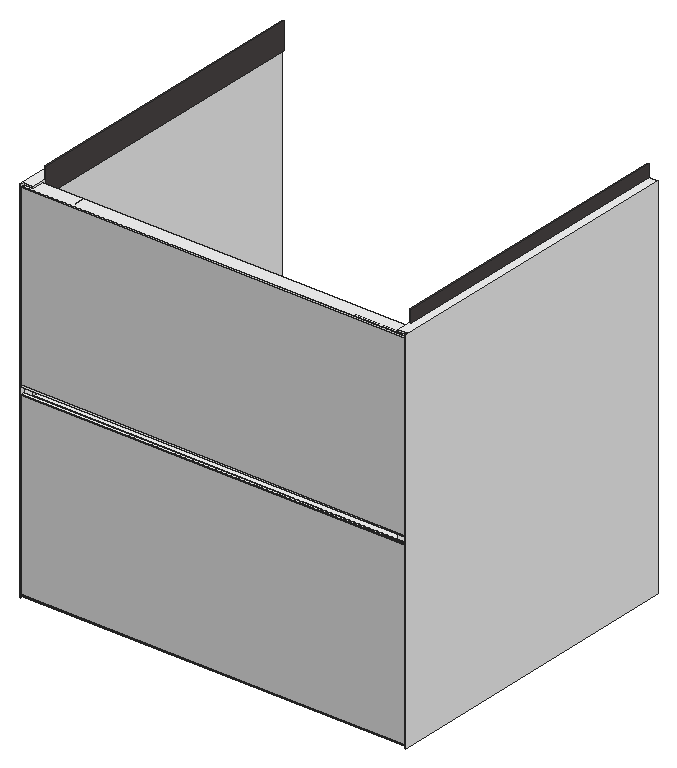
Revit family "vanity unit-hansgrohe-54175XXX-Xevolos E Vanity unit Matt White 580_475 with 2 drawers for washbasin", category Furniture, Revit 2019
Family settings
  OmniClass Number = 23.40.00.00
  OmniClass Title = Equipment and Furnishings
  Work Plane-Based = No
  Always vertical = Yes
  Cut with Voids When Loaded = No
  Shared = Yes
  Room Calculation Point = No
Parameters (values of type "54175320-MATT_WHITE-METALLIC_WHITE-400")
  etim7_EC011381 = "EC011381"
  WEIGHT = "30.4"
  UNSPSC = "56 | Furniture and Furnishings"
  UNIFORMATII = "E2010 | Fixed Furnishings"
  UNICLASS_2015_CODE = "40_30_78_05"
  UNICLASS2015 = "Pr_40_30_78_05 | Bathroom furniture"
  SURFACE = "METALLIC_WHITE"
  REGION = "Worldwide"
  PRODUCTURL = "https://pro.hansgrohe.com/articledetail--54175320"
  PERMALINK = "54175XXX"
  OMNICLASS = "23-21 19 15 33 13 | Residential Bathroom Specialty Casework"
  OBJECTTYPE = "Object (single object)"
  OBERFLAECHE = "MATT_WHITE"
  NN = "Vanity unit with 2 drawers for handrinse basin"
  NBSYN = "$ARTNR.-$OBERFLAECHE.-$SURFACE.-$LODLEVEL."
  NB = "54175320-MATT_WHITE-METALLIC_WHITE-400"
  NAME = "Xevolos E Vanity unit Matt White 580/475 with 2 drawers for washbasin"
  Model = "54175320-MATT_WHITE-METALLIC_WHITE-400"
  Manufacturer = "Hansgrohe"
  MIdent = "{$CADENAS_DATA/23d-libs/hansgrohe/xevolos_furniture/xevolos_vanity_unit_2_drawers_handrinse_basin/vanity_unit_2_drawers_for_handrinse_basin.prj},265 {VTYP=3D},{NB=54175320-MATT_WHITE-METALLIC_WHITE-400},{LINA=54175320-MATT_WHITE-METALLIC_WHITE-400},{NN=Vanity unit with 2 drawers for handrinse basin},{DATE=13.03.2023 12:26:32},{GEOMDATE=12.03.2023 06:54:00},{VERSION=},{LINEID=100},{WBVAR=LODLEVEL},{WBNUMERIC=}  {NB=54175320-MATT_WHITE-METALLIC_WHITE-400},{LINA=54175320-MATT_WHITE-METALLIC_WHITE-400},{KT=DUMMY},{IDNR=10},{ARTNR=54175320},{BASENUMBER=54175},{MODEL=54175XXX},{OBERFLAECHE=MATT_WHITE},{SURFACE=METALLIC_WHITE},{L=580},{LODLEVEL=400},{LODLEVELX='400','400','200','200'},{NAME=Xevolos E Vanity unit Matt White 580/475 with 2 drawers for washbasin},{PERMALINK=54175XXX},{OBJECTTYPE=Object (single object)},{BIMOBJECT=Sanitary: Compound units},{COLLECTIONSET=Xevolos E},{COLLECTION=vanity unit},{WEIGHT=30.4},{DESCRIPTION=Xevolos E Vanity unit Matt White 580/475 with 2 drawers for washbasin},{PRODUCTURL=https://pro.hansgrohe.com/articledetail--54175320},{GTINCODE=0},{TENDERURL=0},{IFC=Furnishing element},{ETIM=EC011381 | Bathroom furniture set},{UNICLASS2015=Pr_40_30_78_05 | Bathroom furniture},{OMNICLASS=23-21 19 15 33 13 | Residential Bathroom Specialty Casework},{MASTERFORMAT=12 35 30.23 | Bathroom Casework},{UNSPSC=56 | Furniture and Furnishings},{UNIFORMATII=E2010 | Fixed Furnishings},{REGION=Worldwide},{DESIGN=Germany},{MANUFACTURER=Germany}"
  MASTERFORMAT = "12 35 30.23 | Bathroom Casework"
  LODLEVEL = "400"
  LINA = "54175320-MATT_WHITE-METALLIC_WHITE-400"
  L = 580
  IFC = "Furnishing element"
  IDNR = 10
  ETIM = "EC011381 | Bathroom furniture set"
  DESIGN = "Germany"
  COLLECTIONSET = "Xevolos E"
  COLLECTION = "vanity unit"
  CATALOG = "Hansgrohe"
  BIMOBJECT = "Sanitary: Compound units"
  BASENUMBER = "54175"
  ARTNR = "54175320"
  54175730-MATT_WHITE-DARK_OAK-400_RX0RY0RZ0TX0TY0TZ0_V = no
  54175730-MATT_WHITE-DARK_OAK-200_RX0RY0RZ0TX0TY0TZ0_V = no
  54175390-MATT_WHITE-PATTEREND_BRONZE-400_RX0RY0RZ0TX0TY0TZ0_V = no
  54175390-MATT_WHITE-PATTEREND_BRONZE-200_RX0RY0RZ0TX0TY0TZ0_V = no
  54175320-MATT_WHITE-METALLIC_WHITE-400_RX0RY0RZ0TX0TY0TZ0_V = yes
  54175320-MATT_WHITE-METALLIC_WHITE-200_RX0RY0RZ0TX0TY0TZ0_V = no
Types (6, lengths in mm): name | SURFACE | NB | Model | MIdent | LODLEVEL | LINA | IDNR | ARTNR | 54175730-MATT_WHITE-DARK_OAK-400_RX0RY0RZ0TX0TY0TZ0_V | 54175730-MATT_WHITE-DARK_OAK-200_RX0RY0RZ0TX0TY0TZ0_V | 54175390-MATT_WHITE-PATTEREND_BRONZE-400_RX0RY0RZ0TX0TY0TZ0_V | 54175390-MATT_WHITE-PATTEREND_BRONZE-200_RX0RY0RZ0TX0TY0TZ0_V | 54175320-MATT_WHITE-METALLIC_WHITE-400_RX0RY0RZ0TX0TY0TZ0_V | 54175320-MATT_WHITE-METALLIC_WHITE-200_RX0RY0RZ0TX0TY0TZ0_V
  54175320-MATT_WHITE-METALLIC_WHITE-200 | "METALLIC_WHITE" | "54175320-MATT_WHITE-METALLIC_WHITE-200" | "54175320-MATT_WHITE-METALLIC_WHITE-200" | "{$CADENAS_DATA/23d-libs/hansgrohe/xevolos_furniture/xevolos_vanity_unit_2_drawers_handrinse_basin/vanity_unit_2_drawers_for_handrinse_basin.prj},265 {VTYP=3D},{NB=54175320-MATT_WHITE-METALLIC_WHITE-200},{LINA=54175320-MATT_WHITE-METALLIC_WHITE-200},{NN=Vanity unit with 2 drawers for handrinse basin},{DATE=13.03.2023 12:26:32},{GEOMDATE=12.03.2023 06:54:00},{VERSION=},{LINEID=100},{WBVAR=LODLEVEL},{WBNUMERIC=}  {NB=54175320-MATT_WHITE-METALLIC_WHITE-200},{LINA=54175320-MATT_WHITE-METALLIC_WHITE-200},{KT=DUMMY},{IDNR=10},{ARTNR=54175320},{BASENUMBER=54175},{MODEL=54175XXX},{OBERFLAECHE=MATT_WHITE},{SURFACE=METALLIC_WHITE},{L=580},{LODLEVEL=200},{LODLEVELX='400','400','200','200'},{NAME=Xevolos E Vanity unit Matt White 580/475 with 2 drawers for washbasin},{PERMALINK=54175XXX},{OBJECTTYPE=Object (single object)},{BIMOBJECT=Sanitary: Compound units},{COLLECTIONSET=Xevolos E},{COLLECTION=vanity unit},{WEIGHT=30.4},{DESCRIPTION=Xevolos E Vanity unit Matt White 580/475 with 2 drawers for washbasin},{PRODUCTURL=https://pro.hansgrohe.com/articledetail--54175320},{GTINCODE=0},{TENDERURL=0},{IFC=Furnishing element},{ETIM=EC011381 | Bathroom furniture set},{UNICLASS2015=Pr_40_30_78_05 | Bathroom furniture},{OMNICLASS=23-21 19 15 33 13 | Residential Bathroom Specialty Casework},{MASTERFORMAT=12 35 30.23 | Bathroom Casework},{UNSPSC=56 | Furniture and Furnishings},{UNIFORMATII=E2010 | Fixed Furnishings},{REGION=Worldwide},{DESIGN=Germany},{MANUFACTURER=Germany}" | "200" | "54175320-MATT_WHITE-METALLIC_WHITE-200" | 10 | "54175320" | no | no | no | no | no | yes
  54175320-MATT_WHITE-METALLIC_WHITE-400 | "METALLIC_WHITE" | "54175320-MATT_WHITE-METALLIC_WHITE-400" | "54175320-MATT_WHITE-METALLIC_WHITE-400" | "{$CADENAS_DATA/23d-libs/hansgrohe/xevolos_furniture/xevolos_vanity_unit_2_drawers_handrinse_basin/vanity_unit_2_drawers_for_handrinse_basin.prj},265 {VTYP=3D},{NB=54175320-MATT_WHITE-METALLIC_WHITE-400},{LINA=54175320-MATT_WHITE-METALLIC_WHITE-400},{NN=Vanity unit with 2 drawers for handrinse basin},{DATE=13.03.2023 12:26:32},{GEOMDATE=12.03.2023 06:54:00},{VERSION=},{LINEID=100},{WBVAR=LODLEVEL},{WBNUMERIC=}  {NB=54175320-MATT_WHITE-METALLIC_WHITE-400},{LINA=54175320-MATT_WHITE-METALLIC_WHITE-400},{KT=DUMMY},{IDNR=10},{ARTNR=54175320},{BASENUMBER=54175},{MODEL=54175XXX},{OBERFLAECHE=MATT_WHITE},{SURFACE=METALLIC_WHITE},{L=580},{LODLEVEL=400},{LODLEVELX='400','400','200','200'},{NAME=Xevolos E Vanity unit Matt White 580/475 with 2 drawers for washbasin},{PERMALINK=54175XXX},{OBJECTTYPE=Object (single object)},{BIMOBJECT=Sanitary: Compound units},{COLLECTIONSET=Xevolos E},{COLLECTION=vanity unit},{WEIGHT=30.4},{DESCRIPTION=Xevolos E Vanity unit Matt White 580/475 with 2 drawers for washbasin},{PRODUCTURL=https://pro.hansgrohe.com/articledetail--54175320},{GTINCODE=0},{TENDERURL=0},{IFC=Furnishing element},{ETIM=EC011381 | Bathroom furniture set},{UNICLASS2015=Pr_40_30_78_05 | Bathroom furniture},{OMNICLASS=23-21 19 15 33 13 | Residential Bathroom Specialty Casework},{MASTERFORMAT=12 35 30.23 | Bathroom Casework},{UNSPSC=56 | Furniture and Furnishings},{UNIFORMATII=E2010 | Fixed Furnishings},{REGION=Worldwide},{DESIGN=Germany},{MANUFACTURER=Germany}" | "400" | "54175320-MATT_WHITE-METALLIC_WHITE-400" | 10 | "54175320" | no | no | no | no | yes | no
  54175390-MATT_WHITE-PATTEREND_BRONZE-200 | "PATTEREND_BRONZE" | "54175390-MATT_WHITE-PATTEREND_BRONZE-200" | "54175390-MATT_WHITE-PATTEREND_BRONZE-200" | "{$CADENAS_DATA/23d-libs/hansgrohe/xevolos_furniture/xevolos_vanity_unit_2_drawers_handrinse_basin/vanity_unit_2_drawers_for_handrinse_basin.prj},269 {VTYP=3D},{NB=54175390-MATT_WHITE-PATTEREND_BRONZE-200},{LINA=54175390-MATT_WHITE-PATTEREND_BRONZE-200},{NN=Vanity unit with 2 drawers for handrinse basin},{DATE=13.03.2023 12:26:32},{GEOMDATE=12.03.2023 06:54:00},{VERSION=},{LINEID=110},{WBVAR=LODLEVEL},{WBNUMERIC=}  {NB=54175390-MATT_WHITE-PATTEREND_BRONZE-200},{LINA=54175390-MATT_WHITE-PATTEREND_BRONZE-200},{KT=DUMMY},{IDNR=11},{ARTNR=54175390},{BASENUMBER=54175},{MODEL=54175XXX},{OBERFLAECHE=MATT_WHITE},{SURFACE=PATTEREND_BRONZE},{L=580},{LODLEVEL=200},{LODLEVELX='400','400','200','200'},{NAME=Xevolos E Vanity unit Matt White 580/475 with 2 drawers for washbasin},{PERMALINK=54175XXX},{OBJECTTYPE=Object (single object)},{BIMOBJECT=Sanitary: Compound units},{COLLECTIONSET=Xevolos E},{COLLECTION=vanity unit},{WEIGHT=30.4},{DESCRIPTION=Xevolos E Vanity unit Matt White 580/475 with 2 drawers for washbasin},{PRODUCTURL=https://pro.hansgrohe.com/articledetail--54175320},{GTINCODE=0},{TENDERURL=0},{IFC=Furnishing element},{ETIM=EC011381 | Bathroom furniture set},{UNICLASS2015=Pr_40_30_78_05 | Bathroom furniture},{OMNICLASS=23-21 19 15 33 13 | Residential Bathroom Specialty Casework},{MASTERFORMAT=12 35 30.23 | Bathroom Casework},{UNSPSC=56 | Furniture and Furnishings},{UNIFORMATII=E2010 | Fixed Furnishings},{REGION=Worldwide},{DESIGN=Germany},{MANUFACTURER=Germany}" | "200" | "54175390-MATT_WHITE-PATTEREND_BRONZE-200" | 11 | "54175390" | no | no | no | yes | no | no
  54175390-MATT_WHITE-PATTEREND_BRONZE-400 | "PATTEREND_BRONZE" | "54175390-MATT_WHITE-PATTEREND_BRONZE-400" | "54175390-MATT_WHITE-PATTEREND_BRONZE-400" | "{$CADENAS_DATA/23d-libs/hansgrohe/xevolos_furniture/xevolos_vanity_unit_2_drawers_handrinse_basin/vanity_unit_2_drawers_for_handrinse_basin.prj},269 {VTYP=3D},{NB=54175390-MATT_WHITE-PATTEREND_BRONZE-400},{LINA=54175390-MATT_WHITE-PATTEREND_BRONZE-400},{NN=Vanity unit with 2 drawers for handrinse basin},{DATE=13.03.2023 12:26:32},{GEOMDATE=12.03.2023 06:54:00},{VERSION=},{LINEID=110},{WBVAR=LODLEVEL},{WBNUMERIC=}  {NB=54175390-MATT_WHITE-PATTEREND_BRONZE-400},{LINA=54175390-MATT_WHITE-PATTEREND_BRONZE-400},{KT=DUMMY},{IDNR=11},{ARTNR=54175390},{BASENUMBER=54175},{MODEL=54175XXX},{OBERFLAECHE=MATT_WHITE},{SURFACE=PATTEREND_BRONZE},{L=580},{LODLEVEL=400},{LODLEVELX='400','400','200','200'},{NAME=Xevolos E Vanity unit Matt White 580/475 with 2 drawers for washbasin},{PERMALINK=54175XXX},{OBJECTTYPE=Object (single object)},{BIMOBJECT=Sanitary: Compound units},{COLLECTIONSET=Xevolos E},{COLLECTION=vanity unit},{WEIGHT=30.4},{DESCRIPTION=Xevolos E Vanity unit Matt White 580/475 with 2 drawers for washbasin},{PRODUCTURL=https://pro.hansgrohe.com/articledetail--54175320},{GTINCODE=0},{TENDERURL=0},{IFC=Furnishing element},{ETIM=EC011381 | Bathroom furniture set},{UNICLASS2015=Pr_40_30_78_05 | Bathroom furniture},{OMNICLASS=23-21 19 15 33 13 | Residential Bathroom Specialty Casework},{MASTERFORMAT=12 35 30.23 | Bathroom Casework},{UNSPSC=56 | Furniture and Furnishings},{UNIFORMATII=E2010 | Fixed Furnishings},{REGION=Worldwide},{DESIGN=Germany},{MANUFACTURER=Germany}" | "400" | "54175390-MATT_WHITE-PATTEREND_BRONZE-400" | 11 | "54175390" | no | no | yes | no | no | no
  54175730-MATT_WHITE-DARK_OAK-200 | "DARK_OAK" | "54175730-MATT_WHITE-DARK_OAK-200" | "54175730-MATT_WHITE-DARK_OAK-200" | "{$CADENAS_DATA/23d-libs/hansgrohe/xevolos_furniture/xevolos_vanity_unit_2_drawers_handrinse_basin/vanity_unit_2_drawers_for_handrinse_basin.prj},253 {VTYP=3D},{NB=54175730-MATT_WHITE-DARK_OAK-200},{LINA=54175730-MATT_WHITE-DARK_OAK-200},{NN=Vanity unit with 2 drawers for handrinse basin},{DATE=13.03.2023 12:26:32},{GEOMDATE=12.03.2023 06:54:00},{VERSION=},{LINEID=120},{WBVAR=LODLEVEL},{WBNUMERIC=}  {NB=54175730-MATT_WHITE-DARK_OAK-200},{LINA=54175730-MATT_WHITE-DARK_OAK-200},{KT=DUMMY},{IDNR=12},{ARTNR=54175730},{BASENUMBER=54175},{MODEL=54175XXX},{OBERFLAECHE=MATT_WHITE},{SURFACE=DARK_OAK},{L=580},{LODLEVEL=200},{LODLEVELX='400','400','200','200'},{NAME=Xevolos E Vanity unit Matt White 580/475 with 2 drawers for washbasin},{PERMALINK=54175XXX},{OBJECTTYPE=Object (single object)},{BIMOBJECT=Sanitary: Compound units},{COLLECTIONSET=Xevolos E},{COLLECTION=vanity unit},{WEIGHT=30.4},{DESCRIPTION=Xevolos E Vanity unit Matt White 580/475 with 2 drawers for washbasin},{PRODUCTURL=https://pro.hansgrohe.com/articledetail--54175320},{GTINCODE=0},{TENDERURL=0},{IFC=Furnishing element},{ETIM=EC011381 | Bathroom furniture set},{UNICLASS2015=Pr_40_30_78_05 | Bathroom furniture},{OMNICLASS=23-21 19 15 33 13 | Residential Bathroom Specialty Casework},{MASTERFORMAT=12 35 30.23 | Bathroom Casework},{UNSPSC=56 | Furniture and Furnishings},{UNIFORMATII=E2010 | Fixed Furnishings},{REGION=Worldwide},{DESIGN=Germany},{MANUFACTURER=Germany}" | "200" | "54175730-MATT_WHITE-DARK_OAK-200" | 12 | "54175730" | no | yes | no | no | no | no
  54175730-MATT_WHITE-DARK_OAK-400 | "DARK_OAK" | "54175730-MATT_WHITE-DARK_OAK-400" | "54175730-MATT_WHITE-DARK_OAK-400" | "{$CADENAS_DATA/23d-libs/hansgrohe/xevolos_furniture/xevolos_vanity_unit_2_drawers_handrinse_basin/vanity_unit_2_drawers_for_handrinse_basin.prj},253 {VTYP=3D},{NB=54175730-MATT_WHITE-DARK_OAK-400},{LINA=54175730-MATT_WHITE-DARK_OAK-400},{NN=Vanity unit with 2 drawers for handrinse basin},{DATE=13.03.2023 12:26:32},{GEOMDATE=12.03.2023 06:54:00},{VERSION=},{LINEID=120},{WBVAR=LODLEVEL},{WBNUMERIC=}  {NB=54175730-MATT_WHITE-DARK_OAK-400},{LINA=54175730-MATT_WHITE-DARK_OAK-400},{KT=DUMMY},{IDNR=12},{ARTNR=54175730},{BASENUMBER=54175},{MODEL=54175XXX},{OBERFLAECHE=MATT_WHITE},{SURFACE=DARK_OAK},{L=580},{LODLEVEL=400},{LODLEVELX='400','400','200','200'},{NAME=Xevolos E Vanity unit Matt White 580/475 with 2 drawers for washbasin},{PERMALINK=54175XXX},{OBJECTTYPE=Object (single object)},{BIMOBJECT=Sanitary: Compound units},{COLLECTIONSET=Xevolos E},{COLLECTION=vanity unit},{WEIGHT=30.4},{DESCRIPTION=Xevolos E Vanity unit Matt White 580/475 with 2 drawers for washbasin},{PRODUCTURL=https://pro.hansgrohe.com/articledetail--54175320},{GTINCODE=0},{TENDERURL=0},{IFC=Furnishing element},{ETIM=EC011381 | Bathroom furniture set},{UNICLASS2015=Pr_40_30_78_05 | Bathroom furniture},{OMNICLASS=23-21 19 15 33 13 | Residential Bathroom Specialty Casework},{MASTERFORMAT=12 35 30.23 | Bathroom Casework},{UNSPSC=56 | Furniture and Furnishings},{UNIFORMATII=E2010 | Fixed Furnishings},{REGION=Worldwide},{DESIGN=Germany},{MANUFACTURER=Germany}" | "400" | "54175730-MATT_WHITE-DARK_OAK-400" | 12 | "54175730" | yes | no | no | no | no | no
Reference planes
  plane 1 "Center (Front/Back)": y = 0
  plane 2: z = 0
  plane 3 "Center (Left/Right)": x = 0
Dimensions and locks
  aligned and locked: level to plane 2
Nested families
  nested 1: "54175320-matt_white-metallic_white-200_content" at (0, 0, 0), visible <- "54175320-MATT_WHITE-METALLIC_WHITE-200_RX0RY0RZ0TX0TY0TZ0_V", ContentVisible <- "54175320-MATT_WHITE-METALLIC_WHITE-200_RX0RY0RZ0TX0TY0TZ0_V", type "54175320-MATT_WHITE-METALLIC_WHITE-200_Content"
    with ContentVisible no
  nested 2: "54175320-matt_white-metallic_white-400_content" at (0, 0, 0), visible <- "54175320-MATT_WHITE-METALLIC_WHITE-400_RX0RY0RZ0TX0TY0TZ0_V", ContentVisible <- "54175320-MATT_WHITE-METALLIC_WHITE-400_RX0RY0RZ0TX0TY0TZ0_V", type "54175320-MATT_WHITE-METALLIC_WHITE-400_Content"
    with ContentVisible yes
  nested 3: "54175390-matt_white-patterend_bronze-200_content" at (0, 0, 0), visible <- "54175390-MATT_WHITE-PATTEREND_BRONZE-200_RX0RY0RZ0TX0TY0TZ0_V", ContentVisible <- "54175390-MATT_WHITE-PATTEREND_BRONZE-200_RX0RY0RZ0TX0TY0TZ0_V", type "54175390-MATT_WHITE-PATTEREND_BRONZE-200_Content"
    with ContentVisible no
  nested 4: "54175390-matt_white-patterend_bronze-400_content" at (0, 0, 0), visible <- "54175390-MATT_WHITE-PATTEREND_BRONZE-400_RX0RY0RZ0TX0TY0TZ0_V", ContentVisible <- "54175390-MATT_WHITE-PATTEREND_BRONZE-400_RX0RY0RZ0TX0TY0TZ0_V", type "54175390-MATT_WHITE-PATTEREND_BRONZE-400_Content"
    with ContentVisible no
  nested 5: "54175730-matt_white-dark_oak-200_content" at (0, 0, 0), visible <- "54175730-MATT_WHITE-DARK_OAK-200_RX0RY0RZ0TX0TY0TZ0_V", ContentVisible <- "54175730-MATT_WHITE-DARK_OAK-200_RX0RY0RZ0TX0TY0TZ0_V", type "54175730-MATT_WHITE-DARK_OAK-200_Content"
    with ContentVisible no
  nested 6: "54175730-matt_white-dark_oak-400_content" at (0, 0, 0), visible <- "54175730-MATT_WHITE-DARK_OAK-400_RX0RY0RZ0TX0TY0TZ0_V", ContentVisible <- "54175730-MATT_WHITE-DARK_OAK-400_RX0RY0RZ0TX0TY0TZ0_V", type "54175730-MATT_WHITE-DARK_OAK-400_Content"
    with ContentVisible no
Definition of nested family "54175320-matt_white-metallic_white-400_content"
  Parameters (values of type "54175320-MATT_WHITE-METALLIC_WHITE-400_Content")
    etim7_EC011381 = "EC011381"
    WEIGHT = "30.4"
    UNSPSC = "56 | Furniture and Furnishings"
    UNIFORMATII = "E2010 | Fixed Furnishings"
    UNICLASS_2015_CODE = "40_30_78_05"
    UNICLASS2015 = "Pr_40_30_78_05 | Bathroom furniture"
    SURFACE = "METALLIC_WHITE"
    REGION = "Worldwide"
    PRODUCTURL = "https://pro.hansgrohe.com/articledetail--54175320"
    PERMALINK = "54175XXX"
    OMNICLASS = "23-21 19 15 33 13 | Residential Bathroom Specialty Casework"
    OBJECTTYPE = "Object (single object)"
    OBERFLAECHE = "MATT_WHITE"
    NN = "Vanity unit with 2 drawers for handrinse basin"
    NBSYN = "$ARTNR.-$OBERFLAECHE.-$SURFACE.-$LODLEVEL."
    NB = "54175320-MATT_WHITE-METALLIC_WHITE-400"
    NAME = "Xevolos E Vanity unit Matt White 580/475 with 2 drawers for washbasin"
    Model = "54175320-MATT_WHITE-METALLIC_WHITE-400"
    Manufacturer = "Hansgrohe"
    MASTERFORMAT = "12 35 30.23 | Bathroom Casework"
    LODLEVEL = "400"
    LINA = "54175320-MATT_WHITE-METALLIC_WHITE-400"
    L = 580
    IFC = "Furnishing element"
    IDNR = 10
    ETIM = "EC011381 | Bathroom furniture set"
    Default Elevation = 1219.2 mm
    DESIGN = "Germany"
    ContentVisible [instance] = yes
    COLLECTIONSET = "Xevolos E"
    COLLECTION = "vanity unit"
    CATALOG = "Hansgrohe"
    BIMOBJECT = "Sanitary: Compound units"
    BASENUMBER = "54175"
    ARTNR = "54175320"
  Reference planes
    plane 1 "Center (Front/Back)": y = 0
    plane 2: z = 0
    plane 3 "Center (Left/Right)": x = 0
  Forms (mm)
    Extrusion 1, solid, visible <- "ContentVisible", detail levels medium+fine
      sketch origin (0, 0, 0) x (1, 0, 0) y (0, 1, 0)
        loop
          line (-290, 0) -> (-290, -472.3) -> (-288, -472.3) -> (-288, -468.3) -> (-274, -468.3) -> (-274, 0) -> (-290, 0)
      from 0 to 556
    Extrusion 2, solid, visible <- "ContentVisible", detail levels medium+fine
      sketch origin (0, 0, 0) x (1, 0, 0) y (0, 1, 0)
        loop
          line (-274, -79) -> (-274, -445.5) -> (274, -445.5) -> (274, -79) -> (-274, -79)
      from 0 to 16
    Extrusion 3, solid, visible <- "ContentVisible", detail levels medium+fine
      sketch origin (0, 0, 0) x (1, 0, 0) y (0, 1, 0)
        loop
          line (274, 0) -> (274, -468.3) -> (288, -468.3) -> (288, -472.3) -> (290, -472.3) -> (290, 0) -> (274, 0)
      from 0 to 556
    Extrusion 4, solid, visible <- "ContentVisible", detail levels medium+fine
      sketch origin (0, 0, 0.5) x (1, 0, 0) y (0, 1, 0)
        loop
          line (-274, -63) -> (-274, -79) -> (274, -79) -> (274, -63) -> (-274, -63)
      from 0 to 126
    Extrusion 5, solid, visible <- "ContentVisible", detail levels medium+fine
      sketch origin (0, 0, 2) x (1, 0, 0) y (0, 1, 0)
        loop
          line (-288, -451) -> (-288, -472.3) -> (288, -472.3) -> (288, -451) -> (-288, -451)
      from 0 to 2
    Extrusion 6, solid, visible <- "ContentVisible", detail levels medium+fine
      sketch origin (0, 0, 554) x (1, 0, 0) y (0, 1, 0)
        loop
          line (-288, -451) -> (-288, -472.3) -> (288, -472.3) -> (288, -451) -> (-288, -451)
      from -2 to 0
    Extrusion 7, solid, visible <- "ContentVisible", detail levels medium+fine
      sketch origin (0, -468.3, 0) x (1, 0, 0) y (0, 0, -1)
        loop
          line (-288, -272.5) -> (288, -272.5) -> (288, -4.5) -> (-288, -4.5) -> (-288, -272.5)
      from -4 to 0
    Extrusion 8, solid, visible <- "ContentVisible", detail levels medium+fine
      sketch origin (0, -468.3, 0) x (1, 0, 0) y (0, 0, -1)
        loop
          line (-288, -553.5) -> (288, -553.5) -> (288, -285.5) -> (-288, -285.5) -> (-288, -553.5)
      from -4 to 0
    Extrusion 9, solid, visible <- "ContentVisible", detail levels medium+fine
      sketch origin (0, 0, 272.5) x (1, 0, 0) y (0, 1, 0)
        loop
          line (-288, -451) -> (-288, -472.3) -> (288, -472.3) -> (288, -451) -> (-288, -451)
      from 0 to 2
    Extrusion 10, solid, visible <- "ContentVisible", detail levels medium+fine
      sketch origin (0, 0, 285.5) x (1, 0, 0) y (0, 1, 0)
        loop
          line (-288, -451) -> (-288, -472.3) -> (288, -472.3) -> (288, -451) -> (-288, -451)
      from -2 to 0
    Extrusion 11, solid, visible <- "ContentVisible", detail levels medium+fine
      sketch origin (0, -468.3, 0) x (1, 0, 0) y (0, 0, -1)
        loop
          line (-288, -274.5) -> (288, -274.5) -> (288, -4.5) -> (-288, -4.5) -> (-288, -274.5)
        loop
          line (-214, -78) -> (-214, -272.5) -> (214, -272.5) -> (214, -78) -> (-214, -78)
      from 0 to 17
    Extrusion 12, solid, visible <- "ContentVisible", detail levels medium+fine
      sketch origin (0, -468.3, 0) x (1, 0, 0) y (0, 0, -1)
        loop
          line (-288, -553.5) -> (-212, -553.5) -> (-212, -361.5) -> (212, -361.5) -> (212, -553.5) -> (288, -553.5) -> (288, -285.5) -> (-288, -285.5) -> (-288, -553.5)
      from 0 to 17
    Extrusion 13, solid, visible <- "ContentVisible", detail levels medium+fine
      sketch origin (-274, 0, 0) x (0, 0, -1) y (0, 1, 0)
        loop
          line (-574, 0) -> (-574, -446) -> (-534, -446) -> (-534, 0) -> (-574, 0)
      from 0 to 2
    Extrusion 14, solid, visible <- "ContentVisible", detail levels medium+fine
      sketch origin (274, 0, 0) x (0, 0, -1) y (0, 1, 0)
        loop
          line (-574, 0) -> (-574, -446) -> (-534, -446) -> (-534, 0) -> (-574, 0)
      from 0 to 2
    Extrusion 15, solid, visible <- "ContentVisible", detail levels medium+fine
      sketch origin (0, 0, 0) x (0, 0, -1) y (0, 1, 0)
        loop
          line (-285, -319.5) -> (-285, -444) -> (-269, -444) -> (-269, -319.5) -> (-285, -319.5)
      from -274 to 274
    Extrusion 16, solid, visible <- "ContentVisible", detail levels coarse
      sketch origin (0, -236.15, 0) x (1, 0, 0) y (0, 1, 0)
        loop
          line (-290, -236.15) -> (290, -236.15) -> (290, 236.15) -> (-290, 236.15) -> (-290, -236.15)
      from 0 to 574
  Dimensions and locks
    aligned and locked: level to plane 2
Definition of nested family "54175320-matt_white-metallic_white-200_content"
  Parameters (values of type "54175320-MATT_WHITE-METALLIC_WHITE-200_Content")
    etim7_EC011381 = "EC011381"
    WEIGHT = "30.4"
    UNSPSC = "56 | Furniture and Furnishings"
    UNIFORMATII = "E2010 | Fixed Furnishings"
    UNICLASS_2015_CODE = "40_30_78_05"
    UNICLASS2015 = "Pr_40_30_78_05 | Bathroom furniture"
    SURFACE = "METALLIC_WHITE"
    REGION = "Worldwide"
    PRODUCTURL = "https://pro.hansgrohe.com/articledetail--54175320"
    PERMALINK = "54175XXX"
    OMNICLASS = "23-21 19 15 33 13 | Residential Bathroom Specialty Casework"
    OBJECTTYPE = "Object (single object)"
    OBERFLAECHE = "MATT_WHITE"
    NN = "Vanity unit with 2 drawers for handrinse basin"
    NBSYN = "$ARTNR.-$OBERFLAECHE.-$SURFACE.-$LODLEVEL."
    NB = "54175320-MATT_WHITE-METALLIC_WHITE-200"
    NAME = "Xevolos E Vanity unit Matt White 580/475 with 2 drawers for washbasin"
    Model = "54175320-MATT_WHITE-METALLIC_WHITE-200"
    Manufacturer = "Hansgrohe"
    MASTERFORMAT = "12 35 30.23 | Bathroom Casework"
    LODLEVEL = "200"
    LINA = "54175320-MATT_WHITE-METALLIC_WHITE-200"
    L = 580
    IFC = "Furnishing element"
    IDNR = 10
    ETIM = "EC011381 | Bathroom furniture set"
    Default Elevation = 1219.2 mm
    DESIGN = "Germany"
    ContentVisible [instance] = yes
    COLLECTIONSET = "Xevolos E"
    COLLECTION = "vanity unit"
    CATALOG = "Hansgrohe"
    BIMOBJECT = "Sanitary: Compound units"
    BASENUMBER = "54175"
    ARTNR = "54175320"
  Reference planes
    plane 1 "Center (Front/Back)": y = 0
    plane 2: z = 0
    plane 3 "Center (Left/Right)": x = 0
  Forms (mm)
    Extrusion 1, solid, visible <- "ContentVisible", detail levels medium+fine
      sketch origin (0, 0, 0) x (1, 0, 0) y (0, 1, 0)
        loop
          line (-290, 0) -> (-290, -468.3) -> (290, -468.3) -> (290, 0) -> (-290, 0)
      from 0 to 556
    Extrusion 2, solid, visible <- "ContentVisible", detail levels medium+fine
      sketch origin (0, -468.3, 0) x (1, 0, 0) y (0, 0, -1)
        loop
          line (-290, -278) -> (-288, -278) -> (-288, -4) -> (288, -4) -> (288, -278) -> (290, -278) -> (290, -2) -> (-290, -2) -> (-290, -278)
      from -4 to 0
    Extrusion 3, solid, visible <- "ContentVisible", detail levels medium+fine
      sketch origin (0, -468.3, 0) x (1, 0, 0) y (0, 0, -1)
        loop
          line (-290, -278) -> (-290, -554) -> (290, -554) -> (290, -278) -> (288, -278) -> (288, -552) -> (-288, -552) -> (-288, -278) -> (-290, -278)
      from -4 to 0
    Extrusion 4, solid, visible <- "ContentVisible", detail levels medium+fine
      sketch origin (0, -468.3, 0) x (1, 0, 0) y (0, 0, -1)
        loop
          line (-288, -272.5) -> (288, -272.5) -> (288, -4.5) -> (-288, -4.5) -> (-288, -272.5)
      from -4 to 0
    Extrusion 5, solid, visible <- "ContentVisible", detail levels medium+fine
      sketch origin (0, -468.3, 0) x (1, 0, 0) y (0, 0, -1)
        loop
          line (-288, -553.5) -> (288, -553.5) -> (288, -285.5) -> (-288, -285.5) -> (-288, -553.5)
      from -4 to 0
    Extrusion 6, solid, visible <- "ContentVisible", detail levels medium+fine
      sketch origin (-274, 0, 0) x (0, 0, -1) y (0, 1, 0)
        loop
          line (-574, 0) -> (-574, -446) -> (-534, -446) -> (-534, 0) -> (-574, 0)
      from 0 to 2
    Extrusion 7, solid, visible <- "ContentVisible", detail levels medium+fine
      sketch origin (274, 0, 0) x (0, 0, -1) y (0, 1, 0)
        loop
          line (-574, 0) -> (-574, -446) -> (-534, -446) -> (-534, 0) -> (-574, 0)
      from 0 to 2
    Extrusion 8, solid, visible <- "ContentVisible", detail levels coarse
      sketch origin (0, -236.15, 0) x (1, 0, 0) y (0, 1, 0)
        loop
          line (-290, -236.15) -> (290, -236.15) -> (290, 236.15) -> (-290, 236.15) -> (-290, -236.15)
      from 0 to 574
  Dimensions and locks
    aligned and locked: level to plane 2
Definition of nested family "54175390-matt_white-patterend_bronze-200_content"
  Parameters (values of type "54175390-MATT_WHITE-PATTEREND_BRONZE-200_Content")
    etim7_EC011381 = "EC011381"
    WEIGHT = "30.4"
    UNSPSC = "56 | Furniture and Furnishings"
    UNIFORMATII = "E2010 | Fixed Furnishings"
    UNICLASS_2015_CODE = "40_30_78_05"
    UNICLASS2015 = "Pr_40_30_78_05 | Bathroom furniture"
    SURFACE = "PATTEREND_BRONZE"
    REGION = "Worldwide"
    PRODUCTURL = "https://pro.hansgrohe.com/articledetail--54175320"
    PERMALINK = "54175XXX"
    OMNICLASS = "23-21 19 15 33 13 | Residential Bathroom Specialty Casework"
    OBJECTTYPE = "Object (single object)"
    OBERFLAECHE = "MATT_WHITE"
    NN = "Vanity unit with 2 drawers for handrinse basin"
    NBSYN = "$ARTNR.-$OBERFLAECHE.-$SURFACE.-$LODLEVEL."
    NB = "54175390-MATT_WHITE-PATTEREND_BRONZE-200"
    NAME = "Xevolos E Vanity unit Matt White 580/475 with 2 drawers for washbasin"
    Model = "54175390-MATT_WHITE-PATTEREND_BRONZE-200"
    Manufacturer = "Hansgrohe"
    MASTERFORMAT = "12 35 30.23 | Bathroom Casework"
    LODLEVEL = "200"
    LINA = "54175390-MATT_WHITE-PATTEREND_BRONZE-200"
    L = 580
    IFC = "Furnishing element"
    IDNR = 11
    ETIM = "EC011381 | Bathroom furniture set"
    Default Elevation = 1219.2 mm
    DESIGN = "Germany"
    ContentVisible [instance] = yes
    COLLECTIONSET = "Xevolos E"
    COLLECTION = "vanity unit"
    CATALOG = "Hansgrohe"
    BIMOBJECT = "Sanitary: Compound units"
    BASENUMBER = "54175"
    ARTNR = "54175390"
  Reference planes
    plane 1 "Center (Front/Back)": y = 0
    plane 2: z = 0
    plane 3 "Center (Left/Right)": x = 0
  Forms (mm)
    Extrusion 1, solid, visible <- "ContentVisible", detail levels medium+fine
      sketch origin (0, 0, 0) x (1, 0, 0) y (0, 1, 0)
        loop
          line (-290, 0) -> (-290, -468.3) -> (290, -468.3) -> (290, 0) -> (-290, 0)
      from 0 to 556
    Extrusion 2, solid, visible <- "ContentVisible", detail levels medium+fine
      sketch origin (0, -468.3, 0) x (1, 0, 0) y (0, 0, -1)
        loop
          line (-290, -278) -> (-288, -278) -> (-288, -4) -> (288, -4) -> (288, -278) -> (290, -278) -> (290, -2) -> (-290, -2) -> (-290, -278)
      from -4 to 0
    Extrusion 3, solid, visible <- "ContentVisible", detail levels medium+fine
      sketch origin (0, -468.3, 0) x (1, 0, 0) y (0, 0, -1)
        loop
          line (-290, -278) -> (-290, -554) -> (290, -554) -> (290, -278) -> (288, -278) -> (288, -552) -> (-288, -552) -> (-288, -278) -> (-290, -278)
      from -4 to 0
    Extrusion 4, solid, visible <- "ContentVisible", detail levels medium+fine
      sketch origin (0, -468.3, 0) x (1, 0, 0) y (0, 0, -1)
        loop
          line (-288, -272.5) -> (288, -272.5) -> (288, -4.5) -> (-288, -4.5) -> (-288, -272.5)
      from -4 to 0
    Extrusion 5, solid, visible <- "ContentVisible", detail levels medium+fine
      sketch origin (0, -468.3, 0) x (1, 0, 0) y (0, 0, -1)
        loop
          line (-288, -553.5) -> (288, -553.5) -> (288, -285.5) -> (-288, -285.5) -> (-288, -553.5)
      from -4 to 0
    Extrusion 6, solid, visible <- "ContentVisible", detail levels medium+fine
      sketch origin (-274, 0, 0) x (0, 0, -1) y (0, 1, 0)
        loop
          line (-574, 0) -> (-574, -446) -> (-534, -446) -> (-534, 0) -> (-574, 0)
      from 0 to 2
    Extrusion 7, solid, visible <- "ContentVisible", detail levels medium+fine
      sketch origin (274, 0, 0) x (0, 0, -1) y (0, 1, 0)
        loop
          line (-574, 0) -> (-574, -446) -> (-534, -446) -> (-534, 0) -> (-574, 0)
      from 0 to 2
    Extrusion 8, solid, visible <- "ContentVisible", detail levels coarse
      sketch origin (0, -236.15, 0) x (1, 0, 0) y (0, 1, 0)
        loop
          line (-290, -236.15) -> (290, -236.15) -> (290, 236.15) -> (-290, 236.15) -> (-290, -236.15)
      from 0 to 574
  Dimensions and locks
    aligned and locked: level to plane 2
Definition of nested family "54175390-matt_white-patterend_bronze-400_content"
  Parameters (values of type "54175390-MATT_WHITE-PATTEREND_BRONZE-400_Content")
    etim7_EC011381 = "EC011381"
    WEIGHT = "30.4"
    UNSPSC = "56 | Furniture and Furnishings"
    UNIFORMATII = "E2010 | Fixed Furnishings"
    UNICLASS_2015_CODE = "40_30_78_05"
    UNICLASS2015 = "Pr_40_30_78_05 | Bathroom furniture"
    SURFACE = "PATTEREND_BRONZE"
    REGION = "Worldwide"
    PRODUCTURL = "https://pro.hansgrohe.com/articledetail--54175320"
    PERMALINK = "54175XXX"
    OMNICLASS = "23-21 19 15 33 13 | Residential Bathroom Specialty Casework"
    OBJECTTYPE = "Object (single object)"
    OBERFLAECHE = "MATT_WHITE"
    NN = "Vanity unit with 2 drawers for handrinse basin"
    NBSYN = "$ARTNR.-$OBERFLAECHE.-$SURFACE.-$LODLEVEL."
    NB = "54175390-MATT_WHITE-PATTEREND_BRONZE-400"
    NAME = "Xevolos E Vanity unit Matt White 580/475 with 2 drawers for washbasin"
    Model = "54175390-MATT_WHITE-PATTEREND_BRONZE-400"
    Manufacturer = "Hansgrohe"
    MASTERFORMAT = "12 35 30.23 | Bathroom Casework"
    LODLEVEL = "400"
    LINA = "54175390-MATT_WHITE-PATTEREND_BRONZE-400"
    L = 580
    IFC = "Furnishing element"
    IDNR = 11
    ETIM = "EC011381 | Bathroom furniture set"
    Default Elevation = 1219.2 mm
    DESIGN = "Germany"
    ContentVisible [instance] = yes
    COLLECTIONSET = "Xevolos E"
    COLLECTION = "vanity unit"
    CATALOG = "Hansgrohe"
    BIMOBJECT = "Sanitary: Compound units"
    BASENUMBER = "54175"
    ARTNR = "54175390"
  Reference planes
    plane 1 "Center (Front/Back)": y = 0
    plane 2: z = 0
    plane 3 "Center (Left/Right)": x = 0
  Forms (mm)
    Extrusion 1, solid, visible <- "ContentVisible", detail levels medium+fine
      sketch origin (0, 0, 0) x (1, 0, 0) y (0, 1, 0)
        loop
          line (-290, 0) -> (-290, -472.3) -> (-288, -472.3) -> (-288, -468.3) -> (-274, -468.3) -> (-274, 0) -> (-290, 0)
      from 0 to 556
    Extrusion 2, solid, visible <- "ContentVisible", detail levels medium+fine
      sketch origin (0, 0, 0) x (1, 0, 0) y (0, 1, 0)
        loop
          line (-274, -79) -> (-274, -445.5) -> (274, -445.5) -> (274, -79) -> (-274, -79)
      from 0 to 16
    Extrusion 3, solid, visible <- "ContentVisible", detail levels medium+fine
      sketch origin (0, 0, 0) x (1, 0, 0) y (0, 1, 0)
        loop
          line (274, 0) -> (274, -468.3) -> (288, -468.3) -> (288, -472.3) -> (290, -472.3) -> (290, 0) -> (274, 0)
      from 0 to 556
    Extrusion 4, solid, visible <- "ContentVisible", detail levels medium+fine
      sketch origin (0, 0, 0.5) x (1, 0, 0) y (0, 1, 0)
        loop
          line (-274, -63) -> (-274, -79) -> (274, -79) -> (274, -63) -> (-274, -63)
      from 0 to 126
    Extrusion 5, solid, visible <- "ContentVisible", detail levels medium+fine
      sketch origin (0, 0, 2) x (1, 0, 0) y (0, 1, 0)
        loop
          line (-288, -451) -> (-288, -472.3) -> (288, -472.3) -> (288, -451) -> (-288, -451)
      from 0 to 2
    Extrusion 6, solid, visible <- "ContentVisible", detail levels medium+fine
      sketch origin (0, 0, 554) x (1, 0, 0) y (0, 1, 0)
        loop
          line (-288, -451) -> (-288, -472.3) -> (288, -472.3) -> (288, -451) -> (-288, -451)
      from -2 to 0
    Extrusion 7, solid, visible <- "ContentVisible", detail levels medium+fine
      sketch origin (0, -468.3, 0) x (1, 0, 0) y (0, 0, -1)
        loop
          line (-288, -272.5) -> (288, -272.5) -> (288, -4.5) -> (-288, -4.5) -> (-288, -272.5)
      from -4 to 0
    Extrusion 8, solid, visible <- "ContentVisible", detail levels medium+fine
      sketch origin (0, -468.3, 0) x (1, 0, 0) y (0, 0, -1)
        loop
          line (-288, -553.5) -> (288, -553.5) -> (288, -285.5) -> (-288, -285.5) -> (-288, -553.5)
      from -4 to 0
    Extrusion 9, solid, visible <- "ContentVisible", detail levels medium+fine
      sketch origin (0, 0, 272.5) x (1, 0, 0) y (0, 1, 0)
        loop
          line (-288, -451) -> (-288, -472.3) -> (288, -472.3) -> (288, -451) -> (-288, -451)
      from 0 to 2
    Extrusion 10, solid, visible <- "ContentVisible", detail levels medium+fine
      sketch origin (0, 0, 285.5) x (1, 0, 0) y (0, 1, 0)
        loop
          line (-288, -451) -> (-288, -472.3) -> (288, -472.3) -> (288, -451) -> (-288, -451)
      from -2 to 0
    Extrusion 11, solid, visible <- "ContentVisible", detail levels medium+fine
      sketch origin (0, -468.3, 0) x (1, 0, 0) y (0, 0, -1)
        loop
          line (-288, -274.5) -> (288, -274.5) -> (288, -4.5) -> (-288, -4.5) -> (-288, -274.5)
        loop
          line (-214, -78) -> (-214, -272.5) -> (214, -272.5) -> (214, -78) -> (-214, -78)
      from 0 to 17
    Extrusion 12, solid, visible <- "ContentVisible", detail levels medium+fine
      sketch origin (0, -468.3, 0) x (1, 0, 0) y (0, 0, -1)
        loop
          line (-288, -553.5) -> (-212, -553.5) -> (-212, -361.5) -> (212, -361.5) -> (212, -553.5) -> (288, -553.5) -> (288, -285.5) -> (-288, -285.5) -> (-288, -553.5)
      from 0 to 17
    Extrusion 13, solid, visible <- "ContentVisible", detail levels medium+fine
      sketch origin (-274, 0, 0) x (0, 0, -1) y (0, 1, 0)
        loop
          line (-574, 0) -> (-574, -446) -> (-534, -446) -> (-534, 0) -> (-574, 0)
      from 0 to 2
    Extrusion 14, solid, visible <- "ContentVisible", detail levels medium+fine
      sketch origin (274, 0, 0) x (0, 0, -1) y (0, 1, 0)
        loop
          line (-574, 0) -> (-574, -446) -> (-534, -446) -> (-534, 0) -> (-574, 0)
      from 0 to 2
    Extrusion 15, solid, visible <- "ContentVisible", detail levels medium+fine
      sketch origin (0, 0, 0) x (0, 0, -1) y (0, 1, 0)
        loop
          line (-285, -319.5) -> (-285, -444) -> (-269, -444) -> (-269, -319.5) -> (-285, -319.5)
      from -274 to 274
    Extrusion 16, solid, visible <- "ContentVisible", detail levels coarse
      sketch origin (0, -236.15, 0) x (1, 0, 0) y (0, 1, 0)
        loop
          line (-290, -236.15) -> (290, -236.15) -> (290, 236.15) -> (-290, 236.15) -> (-290, -236.15)
      from 0 to 574
  Dimensions and locks
    aligned and locked: level to plane 2
Definition of nested family "54175730-matt_white-dark_oak-200_content"
  Parameters (values of type "54175730-MATT_WHITE-DARK_OAK-200_Content")
    etim7_EC011381 = "EC011381"
    WEIGHT = "30.4"
    UNSPSC = "56 | Furniture and Furnishings"
    UNIFORMATII = "E2010 | Fixed Furnishings"
    UNICLASS_2015_CODE = "40_30_78_05"
    UNICLASS2015 = "Pr_40_30_78_05 | Bathroom furniture"
    SURFACE = "DARK_OAK"
    REGION = "Worldwide"
    PRODUCTURL = "https://pro.hansgrohe.com/articledetail--54175320"
    PERMALINK = "54175XXX"
    OMNICLASS = "23-21 19 15 33 13 | Residential Bathroom Specialty Casework"
    OBJECTTYPE = "Object (single object)"
    OBERFLAECHE = "MATT_WHITE"
    NN = "Vanity unit with 2 drawers for handrinse basin"
    NBSYN = "$ARTNR.-$OBERFLAECHE.-$SURFACE.-$LODLEVEL."
    NB = "54175730-MATT_WHITE-DARK_OAK-200"
    NAME = "Xevolos E Vanity unit Matt White 580/475 with 2 drawers for washbasin"
    Model = "54175730-MATT_WHITE-DARK_OAK-200"
    Manufacturer = "Hansgrohe"
    MASTERFORMAT = "12 35 30.23 | Bathroom Casework"
    LODLEVEL = "200"
    LINA = "54175730-MATT_WHITE-DARK_OAK-200"
    L = 580
    IFC = "Furnishing element"
    IDNR = 12
    ETIM = "EC011381 | Bathroom furniture set"
    Default Elevation = 1219.2 mm
    DESIGN = "Germany"
    ContentVisible [instance] = yes
    COLLECTIONSET = "Xevolos E"
    COLLECTION = "vanity unit"
    CATALOG = "Hansgrohe"
    BIMOBJECT = "Sanitary: Compound units"
    BASENUMBER = "54175"
    ARTNR = "54175730"
  Reference planes
    plane 1 "Center (Front/Back)": y = 0
    plane 2: z = 0
    plane 3 "Center (Left/Right)": x = 0
  Forms (mm)
    Extrusion 1, solid, visible <- "ContentVisible", detail levels medium+fine
      sketch origin (0, 0, 0) x (1, 0, 0) y (0, 1, 0)
        loop
          line (-290, 0) -> (-290, -468.3) -> (290, -468.3) -> (290, 0) -> (-290, 0)
      from 0 to 556
    Extrusion 2, solid, visible <- "ContentVisible", detail levels medium+fine
      sketch origin (0, -468.3, 0) x (1, 0, 0) y (0, 0, -1)
        loop
          line (-290, -278) -> (-288, -278) -> (-288, -4) -> (288, -4) -> (288, -278) -> (290, -278) -> (290, -2) -> (-290, -2) -> (-290, -278)
      from -4 to 0
    Extrusion 3, solid, visible <- "ContentVisible", detail levels medium+fine
      sketch origin (0, -468.3, 0) x (1, 0, 0) y (0, 0, -1)
        loop
          line (-290, -278) -> (-290, -554) -> (290, -554) -> (290, -278) -> (288, -278) -> (288, -552) -> (-288, -552) -> (-288, -278) -> (-290, -278)
      from -4 to 0
    Extrusion 4, solid, visible <- "ContentVisible", detail levels medium+fine
      sketch origin (0, -468.3, 0) x (1, 0, 0) y (0, 0, -1)
        loop
          line (-288, -272.5) -> (288, -272.5) -> (288, -4.5) -> (-288, -4.5) -> (-288, -272.5)
      from -4 to 0
    Extrusion 5, solid, visible <- "ContentVisible", detail levels medium+fine
      sketch origin (0, -468.3, 0) x (1, 0, 0) y (0, 0, -1)
        loop
          line (-288, -553.5) -> (288, -553.5) -> (288, -285.5) -> (-288, -285.5) -> (-288, -553.5)
      from -4 to 0
    Extrusion 6, solid, visible <- "ContentVisible", detail levels medium+fine
      sketch origin (-274, 0, 0) x (0, 0, -1) y (0, 1, 0)
        loop
          line (-574, 0) -> (-574, -446) -> (-534, -446) -> (-534, 0) -> (-574, 0)
      from 0 to 2
    Extrusion 7, solid, visible <- "ContentVisible", detail levels medium+fine
      sketch origin (274, 0, 0) x (0, 0, -1) y (0, 1, 0)
        loop
          line (-574, 0) -> (-574, -446) -> (-534, -446) -> (-534, 0) -> (-574, 0)
      from 0 to 2
    Extrusion 8, solid, visible <- "ContentVisible", detail levels coarse
      sketch origin (0, -236.15, 0) x (1, 0, 0) y (0, 1, 0)
        loop
          line (-290, -236.15) -> (290, -236.15) -> (290, 236.15) -> (-290, 236.15) -> (-290, -236.15)
      from 0 to 574
  Dimensions and locks
    aligned and locked: level to plane 2
Definition of nested family "54175730-matt_white-dark_oak-400_content"
  Parameters (values of type "54175730-MATT_WHITE-DARK_OAK-400_Content")
    etim7_EC011381 = "EC011381"
    WEIGHT = "30.4"
    UNSPSC = "56 | Furniture and Furnishings"
    UNIFORMATII = "E2010 | Fixed Furnishings"
    UNICLASS_2015_CODE = "40_30_78_05"
    UNICLASS2015 = "Pr_40_30_78_05 | Bathroom furniture"
    SURFACE = "DARK_OAK"
    REGION = "Worldwide"
    PRODUCTURL = "https://pro.hansgrohe.com/articledetail--54175320"
    PERMALINK = "54175XXX"
    OMNICLASS = "23-21 19 15 33 13 | Residential Bathroom Specialty Casework"
    OBJECTTYPE = "Object (single object)"
    OBERFLAECHE = "MATT_WHITE"
    NN = "Vanity unit with 2 drawers for handrinse basin"
    NBSYN = "$ARTNR.-$OBERFLAECHE.-$SURFACE.-$LODLEVEL."
    NB = "54175730-MATT_WHITE-DARK_OAK-400"
    NAME = "Xevolos E Vanity unit Matt White 580/475 with 2 drawers for washbasin"
    Model = "54175730-MATT_WHITE-DARK_OAK-400"
    Manufacturer = "Hansgrohe"
    MASTERFORMAT = "12 35 30.23 | Bathroom Casework"
    LODLEVEL = "400"
    LINA = "54175730-MATT_WHITE-DARK_OAK-400"
    L = 580
    IFC = "Furnishing element"
    IDNR = 12
    ETIM = "EC011381 | Bathroom furniture set"
    Default Elevation = 1219.2 mm
    DESIGN = "Germany"
    ContentVisible [instance] = yes
    COLLECTIONSET = "Xevolos E"
    COLLECTION = "vanity unit"
    CATALOG = "Hansgrohe"
    BIMOBJECT = "Sanitary: Compound units"
    BASENUMBER = "54175"
    ARTNR = "54175730"
  Reference planes
    plane 1 "Center (Front/Back)": y = 0
    plane 2: z = 0
    plane 3 "Center (Left/Right)": x = 0
  Forms (mm)
    Extrusion 1, solid, visible <- "ContentVisible", detail levels medium+fine
      sketch origin (0, 0, 0) x (1, 0, 0) y (0, 1, 0)
        loop
          line (-290, 0) -> (-290, -472.3) -> (-288, -472.3) -> (-288, -468.3) -> (-274, -468.3) -> (-274, 0) -> (-290, 0)
      from 0 to 556
    Extrusion 2, solid, visible <- "ContentVisible", detail levels medium+fine
      sketch origin (0, 0, 0) x (1, 0, 0) y (0, 1, 0)
        loop
          line (-274, -79) -> (-274, -445.5) -> (274, -445.5) -> (274, -79) -> (-274, -79)
      from 0 to 16
    Extrusion 3, solid, visible <- "ContentVisible", detail levels medium+fine
      sketch origin (0, 0, 0) x (1, 0, 0) y (0, 1, 0)
        loop
          line (274, 0) -> (274, -468.3) -> (288, -468.3) -> (288, -472.3) -> (290, -472.3) -> (290, 0) -> (274, 0)
      from 0 to 556
    Extrusion 4, solid, visible <- "ContentVisible", detail levels medium+fine
      sketch origin (0, 0, 0.5) x (1, 0, 0) y (0, 1, 0)
        loop
          line (-274, -63) -> (-274, -79) -> (274, -79) -> (274, -63) -> (-274, -63)
      from 0 to 126
    Extrusion 5, solid, visible <- "ContentVisible", detail levels medium+fine
      sketch origin (0, 0, 2) x (1, 0, 0) y (0, 1, 0)
        loop
          line (-288, -451) -> (-288, -472.3) -> (288, -472.3) -> (288, -451) -> (-288, -451)
      from 0 to 2
    Extrusion 6, solid, visible <- "ContentVisible", detail levels medium+fine
      sketch origin (0, 0, 554) x (1, 0, 0) y (0, 1, 0)
        loop
          line (-288, -451) -> (-288, -472.3) -> (288, -472.3) -> (288, -451) -> (-288, -451)
      from -2 to 0
    Extrusion 7, solid, visible <- "ContentVisible", detail levels medium+fine
      sketch origin (0, -468.3, 0) x (1, 0, 0) y (0, 0, -1)
        loop
          line (-288, -272.5) -> (288, -272.5) -> (288, -4.5) -> (-288, -4.5) -> (-288, -272.5)
      from -4 to 0
    Extrusion 8, solid, visible <- "ContentVisible", detail levels medium+fine
      sketch origin (0, -468.3, 0) x (1, 0, 0) y (0, 0, -1)
        loop
          line (-288, -553.5) -> (288, -553.5) -> (288, -285.5) -> (-288, -285.5) -> (-288, -553.5)
      from -4 to 0
    Extrusion 9, solid, visible <- "ContentVisible", detail levels medium+fine
      sketch origin (0, 0, 272.5) x (1, 0, 0) y (0, 1, 0)
        loop
          line (-288, -451) -> (-288, -472.3) -> (288, -472.3) -> (288, -451) -> (-288, -451)
      from 0 to 2
    Extrusion 10, solid, visible <- "ContentVisible", detail levels medium+fine
      sketch origin (0, 0, 285.5) x (1, 0, 0) y (0, 1, 0)
        loop
          line (-288, -451) -> (-288, -472.3) -> (288, -472.3) -> (288, -451) -> (-288, -451)
      from -2 to 0
    Extrusion 11, solid, visible <- "ContentVisible", detail levels medium+fine
      sketch origin (0, -468.3, 0) x (1, 0, 0) y (0, 0, -1)
        loop
          line (-288, -274.5) -> (288, -274.5) -> (288, -4.5) -> (-288, -4.5) -> (-288, -274.5)
        loop
          line (-214, -78) -> (-214, -272.5) -> (214, -272.5) -> (214, -78) -> (-214, -78)
      from 0 to 17
    Extrusion 12, solid, visible <- "ContentVisible", detail levels medium+fine
      sketch origin (0, -468.3, 0) x (1, 0, 0) y (0, 0, -1)
        loop
          line (-288, -553.5) -> (-212, -553.5) -> (-212, -361.5) -> (212, -361.5) -> (212, -553.5) -> (288, -553.5) -> (288, -285.5) -> (-288, -285.5) -> (-288, -553.5)
      from 0 to 17
    Extrusion 13, solid, visible <- "ContentVisible", detail levels medium+fine
      sketch origin (-274, 0, 0) x (0, 0, -1) y (0, 1, 0)
        loop
          line (-574, 0) -> (-574, -446) -> (-534, -446) -> (-534, 0) -> (-574, 0)
      from 0 to 2
    Extrusion 14, solid, visible <- "ContentVisible", detail levels medium+fine
      sketch origin (274, 0, 0) x (0, 0, -1) y (0, 1, 0)
        loop
          line (-574, 0) -> (-574, -446) -> (-534, -446) -> (-534, 0) -> (-574, 0)
      from 0 to 2
    Extrusion 15, solid, visible <- "ContentVisible", detail levels medium+fine
      sketch origin (0, 0, 0) x (0, 0, -1) y (0, 1, 0)
        loop
          line (-285, -319.5) -> (-285, -444) -> (-269, -444) -> (-269, -319.5) -> (-285, -319.5)
      from -274 to 274
    Extrusion 16, solid, visible <- "ContentVisible", detail levels coarse
      sketch origin (0, -236.15, 0) x (1, 0, 0) y (0, 1, 0)
        loop
          line (-290, -236.15) -> (290, -236.15) -> (290, 236.15) -> (-290, 236.15) -> (-290, -236.15)
      from 0 to 574
  Dimensions and locks
    aligned and locked: level to plane 2
